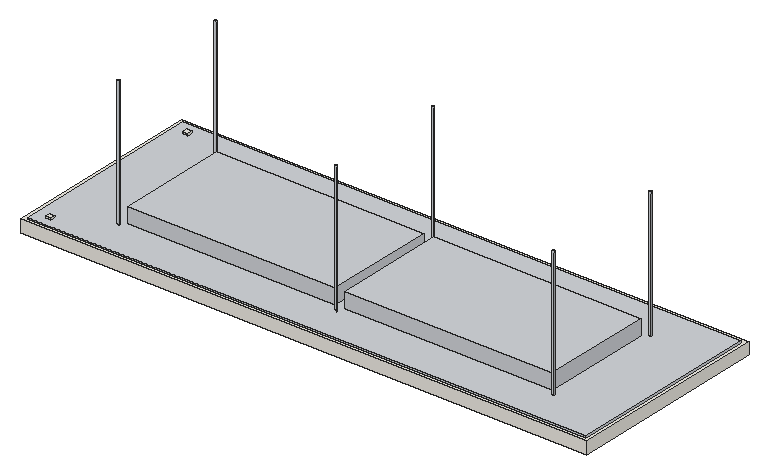
Revit family "Smartline_START_2800mm", category Mechanical Equipment, Revit 2018
Family settings
  Round Connector Dimension = Use Diameter
  Classification = None
  Part Type = Normal
  Always vertical = Yes
  Cut with Voids When Loaded = No
  Shared = No
  Room Calculation Point = No
Parameters (values of type "008-START-1000mm")
  ÜT_Heizen = 37 °C
  Wasserinhalt = 2.00 kg
  Wasser_je_m = 1.00 kg/m
  W [instance] = if(Anschluss_stirnseitig, 45.00°, -45.00°)  # -45.00°
  Vorlauftemperatur_Kühlen = 16 °C
  Vorlauftemperatur_Heizen = 40 °C
  Volumenstrom = 0.01 L/s
  Volumenabsorber_Offset = 25.00 mm
  Volumenabsorber_Hoehe = 80.00 mm
  Volumenabsorber_Einzel = and(Volumenabsorber, Abhänger_Anzahl < 3)  # no
  Volumenabsorber_Doppel = and(Volumenabsorber, Abhänger_Anzahl > 2)  # yes
  Volumenabsorber = yes
  UT_Kühlen = 9 °C
  URL = "https://frenger.de/heizloesungen-heiz-kuehlsegel-smartline"
  Temperaturdifferenz_Kühlen = -3 °C
  Temperaturdifferenz_Heizen = 20 °C
  Rücklauftemperatur_Kühlen = 19 °C
  Rücklauftemperatur_Heizen = 35 °C
  Revisionsraum_anzeigen = no
  Raumtemperatur_Kühlen = 26 °C
  Raumtemperatur_Heizen = 20 °C
  Randabstand Anschlüsse = 75.00 mm
  Plattenlänge = PL  # 2800.00 mm
  Plattenhöhe = 58.50 mm
  Plattenbreite = PB  # 1000.00 mm
  PL = 2800.00 mm
  PB_halbe = PB / 2  # 500.00 mm
  PB = 1000.00 mm
  Model = "Smartline"  # constant formula
  Material_02 [instance] = none
  Material_01 [instance] = none
  Massenstrom (kg/h) = 19.4866
  Lichte_Höhe [instance] = 2300.00 mm
  Lichte_Geschosshöhe [instance] = 3000.00 mm
  Leistung_Kühlen = 196.775 W
  Leistung_Heizen = 473.181 W
  Leergewicht_je_m = 24.70 kg/m
  Leergewicht = 22.00 kg
  Informationen zur IFC Klasse [instance] = "https://standards.buildingsmart.org/IFC/RELEASE/IFC2x/FINAL/HTML/ifcsharedbldgserviceelements/lexical/ifccoil.html"
  IfcExportAs_Info [instance] = "CoilType - Defines typical types of coils (e.g., Cooling, Heating, OTHER, etc.)"  # constant formula
  IfcExportAs [instance] = "IfcCoil:OTHER"  # constant formula
  Manufacturer = "FRENGER SYSTEMEN BV"  # constant formula
  Gewicht = 76.44 kg
  FlowArrangement_ [instance] = "NOTDEFINED"  # constant formula
  Familien_Version = "0.1.10"  # constant formula
  FaceVelocity [instance] = 0
  Enthält einen Volumenstromregler = yes
  Enthält Luftauslässe = no
  Dämmung = yes
  Durchmesser_Vorlauf = 15 mm
  Durchmesser_Rücklauf = 15 mm
  Druckverlust = 0.00165 bar
  DSP_Druckverlust_viertel = Druckverlust / 4  # 0.0004125 bar
  DSP_Druckverlust_halbe = Druckverlust / 2  # 0.000825 bar
  BypassFactor [instance] = 0
  Description = "Heiz- und Kühlsegel"  # constant formula
  Anschluss_stirnseitig [instance] = no
  Anschluss_senkrecht [instance] = not(Anschluss_stirnseitig)  # yes
  Abstand Anschlüsse Verbinder = 100.00 mm  # constant formula
  Abhänger_anzeigen = yes
  Abhänger_Profil_Mitte = and(Abhänger_Profil, Abhänger_Anzahl > 2)  # no
  Abhänger_ProfilTyp = no
  Abhänger_Profil = Abhänger_ProfilTyp  # no
  Abhänger_NichtProfil = and(Abhänger_anzeigen, not(Abhänger_ProfilTyp))  # yes
  Abhänger_Mitte_Revsisionsraum = and(Revisionsraum_anzeigen, Abhänger_Anzahl > 2)  # no
  Abhänger_Mitte = and(Abhänger_Anzahl > 2, Abhänger_NichtProfil)  # yes
  Abhänger_Länge = 741.50 mm
  Abhänger_Anzahl = 3
  Abhänger_Abstand_VuH = if(PB < 1000.00 mm, 100.00 mm, 200.00 mm)  # 200.00 mm
Types (2, lengths in mm): name | Vorlauftemperatur_Heizen | Volumenabsorber_Doppel | Volumenabsorber | Rücklauftemperatur_Heizen | Raumtemperatur_Heizen | Lichte_Höhe | Leistung_Kühlen | Leistung_Heizen | Leergewicht_je_m | Gewicht | Druckverlust | DSP_Druckverlust_viertel | DSP_Druckverlust_halbe | Abhänger_Mitte | Abhänger_Anzahl
  STANDARD | 70 °C | no | no | 50 °C | 23 °C | 2200.00 | 56.4226 W | 294.792 W | 11.00 kg/m | 24.00 kg | 0.165 bar | 0.04125 bar | 0.0825 bar | no | 2
  008-START-1000mm | 40 °C | yes | yes | 35 °C | 20 °C | 2300.00 | 196.775 W | 473.181 W | 24.70 kg/m | 76.44 kg | 0.00165 bar | 0.0004125 bar | 0.000825 bar | yes | 3
Reference planes
  plane 1 "Mitte (Vorne/hinten)": y = 0
  plane 2: z = 0
  plane 3 "Mitte (Links/rechts)": x = 0
  plane 4 "Plattenlänge": x = 2800
  plane 5 "Verteilerrohr_2": x = 2725
  plane 6 "Verteilerrohr_1": x = 87.5
  plane 7 "Mitte (links/rechts)": x = 1400
  plane 8 "Hinten": y = 500
  plane 9 "Vorne": y = -500
  plane 10 "Unterkante": z = 2300
  plane 11 "Platte_OK": z = 2358.5
  plane 12 "Registerrohre": z = 2324.35
  plane 13 "Dämmung_links": x = 20
  plane 14 "Dämmung_rechts": x = 2780
  plane 15 "Dämmung_hinten": y = 480
  plane 16 "Dämmung_vorn": y = -480
  plane 17 "Revisionsraum_links": x = -10
  plane 18 "Revisionsraum_hinten": y = 510
  plane 19 "Revisionsraum_rechts": x = 2810
  plane 20 "Revisionsraum_vorn": y = -510
  plane 21 "Abhänger_links": x = 325
  plane 22 "Abhänger_rechts": x = 2475
  plane 23 "Abhänger_vorn": y = -300
  plane 24 "Abhänger_hinten": y = 300
  plane 25: x = 320
  plane 26: x = 2470
  plane 27: x = 1395
Forms (mm)
  Extrusion 1, solid, detail levels medium+fine
    sketch origin (0, 0, 0) x (1, 0, 0) y (0, 1, 0)
      loop
        line (0, 500) -> (0, -500) -> (2800, -500) -> (2800, 500) -> (0, 500)
    from 2300 to 2358.5
  Extrusion 2, solid, visible <- "Dämmung", detail levels fine
    sketch origin (0, 0, 2300) x (-1, 0, 0) y (0, -1, 0)
      loop
        line (-20, -480) -> (-20, 480) -> (-2780, 480) -> (-2780, -480) -> (-20, -480)
    from 35 to 65
  Extrusion 3, solid, visible <- "Revisionsraum_anzeigen"
    sketch origin (0, 0, 2300) x (-1, 0, 0) y (0, -1, 0)
      loop
        line (10, -510) -> (10, 510) -> (-2810, 510) -> (-2810, -510) -> (10, -510)
    from 0 to 75
  Extrusion 4, solid, visible <- "Abhänger_NichtProfil"
    sketch origin (-146.588, 27.954, 2300) x (-1, 0, 0) y (0, -1, 0)
      loop
        circle (-471.588, 327.954) r 5
    from 34.5 to 700
  Extrusion 5, solid, visible <- "Abhänger_NichtProfil"
    sketch origin (-146.588, 627.954, 2300) x (-1, 0, 0) y (0, -1, 0)
      loop
        circle (-471.588, 327.954) r 5
    from 34.5 to 700
  Extrusion 6, solid, visible <- "Abhänger_Mitte"
    sketch origin (528.412, 627.954, 2300) x (-1, 0, 0) y (0, -1, 0)
      loop
        circle (-871.588, 327.954) r 5
    from 34.5 to 700
  Extrusion 7, solid, visible <- "Abhänger_Mitte"
    sketch origin (528.412, 27.954, 2300) x (-1, 0, 0) y (0, -1, 0)
      loop
        circle (-871.588, 327.954) r 5
    from 34.5 to 700
  Extrusion 8, solid, visible <- "Abhänger_NichtProfil"
    sketch origin (1203.412, 627.954, 2300) x (-1, 0, 0) y (0, -1, 0)
      loop
        circle (-1271.588, 327.954) r 5
    from 34.5 to 700
  Extrusion 9, solid, visible <- "Abhänger_NichtProfil"
    sketch origin (1203.412, 27.954, 2300) x (-1, 0, 0) y (0, -1, 0)
      loop
        circle (-1271.588, 327.954) r 5
    from 34.5 to 700
  Extrusion 10, solid, visible <- "Revisionsraum_anzeigen"
    sketch origin (-146.588, 27.954, 2300) x (-1, 0, 0) y (0, -1, 0)
      loop
        circle (-471.588, 327.954) r 5
    from 75 to 700
  Extrusion 11, solid, visible <- "Revisionsraum_anzeigen"
    sketch origin (-146.588, 627.954, 2300) x (-1, 0, 0) y (0, -1, 0)
      loop
        circle (-471.588, 327.954) r 5
    from 75 to 700
  Extrusion 12, solid, visible <- "Revisionsraum_anzeigen"
    sketch origin (1203.412, 627.954, 2300) x (-1, 0, 0) y (0, -1, 0)
      loop
        circle (-1271.588, 327.954) r 5
    from 75 to 700
  Extrusion 13, solid, visible <- "Revisionsraum_anzeigen"
    sketch origin (1203.412, 27.954, 2300) x (-1, 0, 0) y (0, -1, 0)
      loop
        circle (-1271.588, 327.954) r 5
    from 75 to 700
  Extrusion 14, solid, visible <- "Abhänger_Mitte_Revsisionsraum"
    sketch origin (528.412, 27.954, 2300) x (-1, 0, 0) y (0, -1, 0)
      loop
        circle (-871.588, 327.954) r 5
    from 75 to 700
  Extrusion 15, solid, visible <- "Abhänger_Mitte_Revsisionsraum"
    sketch origin (528.412, 627.954, 2300) x (-1, 0, 0) y (0, -1, 0)
      loop
        circle (-871.588, 327.954) r 5
    from 75 to 700
  Extrusion 16, solid, visible <- "Volumenabsorber_Doppel"
    sketch origin (0, 0, 2358.5) x (-1, 0, 0) y (0, -1, 0)
      loop
        line (-350, 275) -> (-1375, 275) -> (-1375, -275) -> (-350, -275) -> (-350, 275)
    from 0 to 80 <- "Volumenabsorber_Hoehe"
  Extrusion 17, solid, visible <- "Volumenabsorber_Doppel"
    sketch origin (0, 0, 2358.5) x (-1, 0, 0) y (0, -1, 0)
      loop
        line (-1425, 275) -> (-2450, 275) -> (-2450, -275) -> (-1425, -275) -> (-1425, 275)
    from 0 to 80 <- "Volumenabsorber_Hoehe"
  Extrusion 18, solid, visible <- "Volumenabsorber_Einzel"
    sketch origin (0, 0, 2358.5) x (-1, 0, 0) y (0, -1, 0)
      loop
        line (-350, 275) -> (-2450, 275) -> (-2450, -275) -> (-350, -275) -> (-350, 275)
    from 0 to 80 <- "Volumenabsorber_Hoehe"
Lines and regions (mm)
  reference lines
    curve 1: line (350, 574.546, 0) -> (350, -585.454, 0)
    curve 2: line (1375, 552.678, 0) -> (1375, -585.454, 0)
    curve 3: line (1425, 552.678, 0) -> (1425, -607.322, 0)
    curve 4: line (2450, 552.678, 0) -> (2450, -567.322, 0)
    curve 5: line (273.047, -275, 0) -> (2553.047, -275, 0)
    curve 6: line (273.047, 275, 0) -> (2573.047, 275, 0)
Dimensions and locks
  "PL": plane 3 "Mitte (Links/rechts)" to plane 4 "Plattenlänge"
  equal spacing: plane 3 "Mitte (Links/rechts)", plane 7 "Mitte (links/rechts)", plane 4 "Plattenlänge"
  equal spacing: plane 8 "Hinten", plane 1 "Mitte (Vorne/hinten)", plane 9 "Vorne"
  "PB_halbe": plane 8 "Hinten" to plane 1 "Mitte (Vorne/hinten)"
  locked: plane 5 "Verteilerrohr_2" to plane 4 "Plattenlänge" at 75
  locked: plane 3 "Mitte (Links/rechts)" to plane 6 "Verteilerrohr_1" at 87.5
  "Plattenhöhe": plane 11 "Platte_OK" to plane 10 "Unterkante"
  locked: plane 12 "Registerrohre" to plane 10 "Unterkante" at 24.35
  "Lichte_Höhe": plane 10 "Unterkante" to level
  "Lichte_Geschosshöhe": level to level
  locked: plane 8 "Hinten" to plane 15 "Dämmung_hinten" at 20
  locked: plane 16 "Dämmung_vorn" to plane 9 "Vorne" at 20
  locked: plane 3 "Mitte (Links/rechts)" to plane 13 "Dämmung_links" at 20
  locked: plane 14 "Dämmung_rechts" to plane 4 "Plattenlänge" at 20
  locked: plane 17 "Revisionsraum_links" to plane 3 "Mitte (Links/rechts)" at 10
  locked: plane 18 "Revisionsraum_hinten" to plane 8 "Hinten" at 10
  locked: plane 9 "Vorne" to plane 20 "Revisionsraum_vorn" at 10
  locked: plane 4 "Plattenlänge" to plane 19 "Revisionsraum_rechts" at 10
  locked: plane 3 "Mitte (Links/rechts)" to plane 21 "Abhänger_links" at 325
  locked: plane 22 "Abhänger_rechts" to plane 4 "Plattenlänge" at 325
  "Abhänger_Abstand_VuH": plane 23 "Abhänger_vorn" to plane 9 "Vorne"
  "Abhänger_Abstand_VuH": plane 8 "Hinten" to plane 24 "Abhänger_hinten"
  locked: plane 25 to plane 21 "Abhänger_links" at 5
  locked: plane 26 to plane 22 "Abhänger_rechts" at 5
  locked: plane 27 to plane 7 "Mitte (links/rechts)" at 5
  "Volumenabsorber_Offset": curve 6 to plane 24 "Abhänger_hinten"
  "Volumenabsorber_Offset": plane 21 "Abhänger_links" to curve 1
  "Volumenabsorber_Offset": curve 2 to plane 7 "Mitte (links/rechts)"
  "Volumenabsorber_Offset": plane 7 "Mitte (links/rechts)" to curve 3
  "Volumenabsorber_Offset": curve 4 to plane 22 "Abhänger_rechts"
  "Volumenabsorber_Offset": curve 5 to plane 23 "Abhänger_vorn"
  aligned and locked: level to plane 2
  aligned and locked: plane 3 "Mitte (Links/rechts)" to Extrusion 1 sketch curve
  aligned and locked: Extrusion 1 sketch curve to plane 4 "Plattenlänge"
  aligned and locked: Extrusion 1 sketch curve to plane 8 "Hinten"
  aligned and locked: Extrusion 1 sketch curve to plane 9 "Vorne"
  aligned and locked: plane 11 "Platte_OK" to Extrusion 1
  aligned and locked: Extrusion 1 to plane 10 "Unterkante"
  aligned and locked: Extrusion 2 sketch curve to plane 13 "Dämmung_links"
  aligned and locked: Extrusion 2 sketch curve to plane 15 "Dämmung_hinten"
  aligned and locked: Extrusion 2 sketch curve to plane 14 "Dämmung_rechts"
  aligned and locked: Extrusion 2 sketch curve to plane 16 "Dämmung_vorn"
  aligned and locked: Extrusion 3 sketch curve to plane 17 "Revisionsraum_links"
  aligned and locked: Extrusion 3 sketch curve to plane 18 "Revisionsraum_hinten"
  aligned and locked: Extrusion 3 sketch curve to plane 19 "Revisionsraum_rechts"
  aligned and locked: Extrusion 3 sketch curve to plane 20 "Revisionsraum_vorn"
  aligned and locked: level to Extrusion 4
  aligned and locked: plane 23 "Abhänger_vorn" to Extrusion 4
  aligned and locked: plane 25 to Extrusion 4
  aligned and locked: plane 24 "Abhänger_hinten" to Extrusion 5
  aligned and locked: plane 25 to Extrusion 5
  aligned and locked: plane 24 "Abhänger_hinten" to Extrusion 6
  aligned and locked: plane 27 to Extrusion 6
  aligned and locked: plane 23 "Abhänger_vorn" to Extrusion 7
  aligned and locked: plane 27 to Extrusion 7
  aligned and locked: plane 24 "Abhänger_hinten" to Extrusion 8
  aligned and locked: Extrusion 9 to plane 23 "Abhänger_vorn"
  aligned and locked: plane 26 to Extrusion 8
  aligned and locked: plane 26 to Extrusion 9
  aligned and locked: level to Extrusion 9
  aligned and locked: level to Extrusion 8
  aligned and locked: level to Extrusion 7
  aligned and locked: level to Extrusion 6
  aligned and locked: level to Extrusion 5
  aligned and locked: nested 1 to plane 5 "Verteilerrohr_2"
  aligned and locked: plane 12 "Registerrohre" to nested 1
  aligned and locked: plane 25 to Extrusion 11
  aligned and locked: plane 25 to Extrusion 10
  aligned and locked: plane 23 "Abhänger_vorn" to Extrusion 10
  aligned and locked: plane 24 "Abhänger_hinten" to Extrusion 11
  aligned and locked: plane 27 to Extrusion 15
  aligned and locked: plane 24 "Abhänger_hinten" to Extrusion 15
  aligned and locked: plane 27 to Extrusion 14
  aligned and locked: plane 23 "Abhänger_vorn" to Extrusion 14
  aligned and locked: plane 26 to Extrusion 12
  aligned and locked: plane 24 "Abhänger_hinten" to Extrusion 12
  aligned and locked: plane 26 to Extrusion 13
  aligned and locked: Extrusion 13 to plane 23 "Abhänger_vorn"
  aligned and locked: level to Extrusion 10
  aligned and locked: level to Extrusion 11
  aligned and locked: level to Extrusion 14
  aligned and locked: level to Extrusion 15
  aligned and locked: level to Extrusion 13
  aligned and locked: level to Extrusion 12
  aligned and locked: Extrusion 10 to Extrusion 3
  aligned and locked: Extrusion 11 to Extrusion 3
  aligned and locked: Extrusion 14 to Extrusion 3
  aligned and locked: Extrusion 15 to Extrusion 3
  aligned and locked: Extrusion 13 to Extrusion 3
  aligned and locked: Extrusion 12 to Extrusion 3
  aligned and locked: nested 2 to plane 12 "Registerrohre"
  aligned and locked: plane 6 "Verteilerrohr_1" to nested 2
  aligned and locked: plane 1 "Mitte (Vorne/hinten)" to nested 3
  aligned and locked: plane 1 "Mitte (Vorne/hinten)" to nested 4
  aligned and locked: nested 4 to plane 7 "Mitte (links/rechts)"
  aligned and locked: plane 1 "Mitte (Vorne/hinten)" to nested 5
  aligned and locked: nested 5 to plane 22 "Abhänger_rechts"
  aligned and locked: nested 3 to plane 21 "Abhänger_links"
  aligned and locked: Extrusion 16 to curve 6
  aligned and locked: curve 1 to Extrusion 16
  aligned and locked: curve 5 to Extrusion 16
  aligned and locked: Extrusion 16 to curve 2
  aligned and locked: curve 3 to Extrusion 17
  aligned and locked: Extrusion 17 to curve 6
  aligned and locked: Extrusion 17 to curve 4
  aligned and locked: curve 5 to Extrusion 17
  aligned and locked: curve 1 to Extrusion 18
  aligned and locked: Extrusion 18 to curve 6
  aligned and locked: Extrusion 18 to curve 4
  aligned and locked: curve 5 to Extrusion 18
Automatic sketch dimensions
  Extrusion 4 sketch curve to plane 21 "Abhänger_links" = 0.00 mm
  Extrusion 4 sketch curve to plane 23 "Abhänger_vorn" = 0.00 mm
  Extrusion 5 sketch curve to plane 21 "Abhänger_links" = 0.00 mm
  plane 24 "Abhänger_hinten" to Extrusion 5 sketch curve = 0.00 mm
  Extrusion 6 sketch curve to plane 7 "Mitte (links/rechts)" = 0.00 mm
  plane 24 "Abhänger_hinten" to Extrusion 6 sketch curve = 0.00 mm
  Extrusion 7 sketch curve to plane 7 "Mitte (links/rechts)" = 0.00 mm
  Extrusion 7 sketch curve to plane 23 "Abhänger_vorn" = 0.00 mm
  Extrusion 8 sketch curve to plane 22 "Abhänger_rechts" = 0.00 mm
  plane 24 "Abhänger_hinten" to Extrusion 8 sketch curve = 0.00 mm
  Extrusion 9 sketch curve to plane 22 "Abhänger_rechts" = 0.00 mm
  Extrusion 9 sketch curve to plane 23 "Abhänger_vorn" = 0.00 mm
  plane 23 "Abhänger_vorn" to Extrusion 10 sketch curve = 0.00 mm
  plane 21 "Abhänger_links" to Extrusion 10 sketch curve = 0.00 mm
  Extrusion 11 sketch curve to plane 24 "Abhänger_hinten" = 0.00 mm
  plane 21 "Abhänger_links" to Extrusion 11 sketch curve = 0.00 mm
  Extrusion 12 sketch curve to plane 24 "Abhänger_hinten" = 0.00 mm
  plane 22 "Abhänger_rechts" to Extrusion 12 sketch curve = 0.00 mm
  plane 22 "Abhänger_rechts" to Extrusion 13 sketch curve = 0.00 mm
  Extrusion 13 sketch curve to plane 23 "Abhänger_vorn" = 0.00 mm
  plane 7 "Mitte (links/rechts)" to Extrusion 14 sketch curve = 0.00 mm
  plane 23 "Abhänger_vorn" to Extrusion 14 sketch curve = 0.00 mm
  Extrusion 15 sketch curve to plane 24 "Abhänger_hinten" = 0.00 mm
  plane 7 "Mitte (links/rechts)" to Extrusion 15 sketch curve = 0.00 mm
  Extrusion 16 sketch curve to plane 27 = 20.00 mm
  plane 21 "Abhänger_links" to Extrusion 16 sketch curve = 25.00 mm
  plane 24 "Abhänger_hinten" to Extrusion 16 sketch curve = 25.00 mm
  plane 23 "Abhänger_vorn" to Extrusion 16 sketch curve = 25.00 mm
  Extrusion 17 sketch curve to plane 26 = 20.00 mm
  plane 7 "Mitte (links/rechts)" to Extrusion 17 sketch curve = 25.00 mm
  plane 24 "Abhänger_hinten" to Extrusion 17 sketch curve = 25.00 mm
  plane 23 "Abhänger_vorn" to Extrusion 17 sketch curve = 25.00 mm
  Extrusion 18 sketch curve to plane 26 = 20.00 mm
  plane 21 "Abhänger_links" to Extrusion 18 sketch curve = 25.00 mm
  plane 24 "Abhänger_hinten" to Extrusion 18 sketch curve = 25.00 mm
  plane 23 "Abhänger_vorn" to Extrusion 18 sketch curve = 25.00 mm
  curve 6 to plane 25 = 46.953 mm
  curve 5 to plane 25 = 46.953 mm
  plane 22 "Abhänger_rechts" to curve 5 = 78.047 mm
  plane 22 "Abhänger_rechts" to curve 6 = 98.047 mm
  plane 20 "Revisionsraum_vorn" to curve 4 = 57.322 mm
  plane 20 "Revisionsraum_vorn" to curve 1 = 75.454 mm
  plane 20 "Revisionsraum_vorn" to curve 2 = 75.454 mm
  curve 3 to curve 2 = 21.868 mm
  plane 18 "Revisionsraum_hinten" to curve 2 = 42.678 mm
  plane 18 "Revisionsraum_hinten" to curve 3 = 42.678 mm
  plane 18 "Revisionsraum_hinten" to curve 4 = 42.678 mm
  plane 18 "Revisionsraum_hinten" to curve 1 = 64.546 mm
  radius of Extrusion 4 sketch curve = 5.00 mm
  radius of Extrusion 5 sketch curve = 5.00 mm
  radius of Extrusion 6 sketch curve = 5.00 mm
  radius of Extrusion 7 sketch curve = 5.00 mm
  radius of Extrusion 8 sketch curve = 5.00 mm
  radius of Extrusion 9 sketch curve = 5.00 mm
  radius of Extrusion 10 sketch curve = 5.00 mm
  radius of Extrusion 11 sketch curve = 5.00 mm
  radius of Extrusion 12 sketch curve = 5.00 mm
  radius of Extrusion 13 sketch curve = 5.00 mm
  radius of Extrusion 14 sketch curve = 5.00 mm
  radius of Extrusion 15 sketch curve = 5.00 mm
Nested families
  nested 1: "Smartline--AB_A_1V_1R_Verb" at (2725, 0, 2324.35) x (1, 0, 0) z (0, -1, 0), AA2 <- "Abstand Anschlüsse Verbinder", AA3 <- "Abstand Anschlüsse Verbinder", PB_halbe <- "PB_halbe", Material_02 <- "Material_02", type "Standard", detail levels fine
    with PB_halbe 500.00 mm, Material_02 none, Abstand 200.00 mm, AA3 100.00 mm, AA2 100.00 mm
  nested 2: "Smartline--AB_A_1V_1R_Wi" at (87.5, 0, 2324.35) x (-1, 0, 0) z (0, 1, 0), AA1 <- "Randabstand Anschlüsse", W <- "W", AA4 <- "Randabstand Anschlüsse", PB_halbe <- "PB_halbe", Material_02 <- "Material_02", type "Standard", detail levels fine
    with W -45.00°, PB_halbe 500.00 mm, Material_02 none, Familien_Version "0.3.6", AA4 75.00 mm, AA1 75.00 mm
  nested 3: "Einhaengeprofil" at (325, 0, 2358.5), Plattenbreite <- "Plattenbreite", visible <- "Abhänger_Profil", type "Einhaengeprofil"
    with Plattenbreite 1000.00 mm
  nested 4: "Einhaengeprofil" at (1400, 0, 2358.5), Plattenbreite <- "Plattenbreite", visible <- "Abhänger_Profil_Mitte", type "Einhaengeprofil"
    with Plattenbreite 1000.00 mm
  nested 5: "Einhaengeprofil" at (2475, 0, 2358.5), Plattenbreite <- "Plattenbreite", visible <- "Abhänger_Profil", type "Einhaengeprofil"
    with Plattenbreite 1000.00 mm
Connectors
  piping at (2760, 100, 2324.35), diameter 15, driven by "Durchmesser_Rücklauf", driven by "Volumenstrom", driven by "DSP_Druckverlust_viertel"
    settings: on nested 1, index 3, connector inside diameter 609.6 mm, connector length 0.00 mm, flow factor 0, pipe flow 0.01 L/s, pressure drop 0.0004125 bar, fitting loss kfactor 0, connector angle 0.00°, fixture units 0, engagement length 0.00 mm, angle of deflection 0.00°, flow configuration 1, flow direction 1, fitting loss method 4, system type 8, joint type 0, gender type 0, connector reference index 5, connector utility 0, adjustable connector no, is connector primary yes, connector description ""
  piping at (2760, -100, 2324.35), diameter 15, driven by "Durchmesser_Vorlauf", driven by "Volumenstrom", driven by "DSP_Druckverlust_viertel"
    settings: on nested 1, index 4, connector inside diameter 609.6 mm, connector length 0.00 mm, flow factor 0, pipe flow 0.01 L/s, pressure drop 0.0004125 bar, fitting loss kfactor 0, connector angle 0.00°, fixture units 0, engagement length 0.00 mm, angle of deflection 0.00°, flow configuration 1, flow direction 2, fitting loss method 4, system type 7, joint type 0, gender type 0, connector reference index 6, connector utility 0, adjustable connector no, is connector primary no, connector description ""
  piping at (87.5, 425, 2371.85), diameter 15, driven by "Volumenstrom", driven by "DSP_Druckverlust_viertel", driven by "Durchmesser_Rücklauf"
    settings: on nested 2, index 5, connector inside diameter 609.6 mm, connector length 0.00 mm, flow factor 0, pipe flow 0.01 L/s, pressure drop 0.0004125 bar, fitting loss kfactor 0, connector angle 0.00°, fixture units 0, engagement length 0.00 mm, angle of deflection 0.00°, flow configuration 1, flow direction 2, fitting loss method 4, system type 8, joint type 0, gender type 0, connector reference index 3, connector utility 0, adjustable connector no, is connector primary no, connector description ""
  piping at (87.5, -425, 2371.85), diameter 15, driven by "Volumenstrom", driven by "DSP_Druckverlust_viertel", driven by "Durchmesser_Vorlauf"
    settings: on nested 2, index 6, connector inside diameter 609.6 mm, connector length 0.00 mm, flow factor 0, pipe flow 0.01 L/s, pressure drop 0.0004125 bar, fitting loss kfactor 0, connector angle 0.00°, fixture units 0, engagement length 0.00 mm, angle of deflection 0.00°, flow configuration 1, flow direction 1, fitting loss method 4, system type 7, joint type 0, gender type 0, connector reference index 4, connector utility 0, adjustable connector no, is connector primary no, connector description ""
Definition of nested family "Smartline--AB_A_1V_1R_Verb"
  Parameters (values of type "Standard")
    Default Elevation = 0.00 mm
    PB_halbe [instance] = 300.00 mm
    Material_02 [instance] = none
    Familien_Version = "0.3.6"  # constant formula
    Abstand [instance] = 200.00 mm
    AA3 [instance] = 100.00 mm
    AA2 [instance] = 100.00 mm
  Reference planes
    plane 1 "Mitte (Vorne/hinten)": y = 0
    plane 2: z = 0
    plane 3 "Mitte (Links/rechts)": x = 0
  Forms (mm)
    Extrusion 1, solid
      sketch origin (0, 0, 0) x (1, 0, 0) y (0, 1, 0)
        loop
          line (-1219.2, 1219.2) -> (-1219.2, -1219.2) -> (1219.2, -1219.2) -> (1219.2, 1219.2) -> (-1219.2, 1219.2)
      from 0 to -1263.467
    Extrusion 2, solid, material <- "Material_02", detail levels fine
      sketch origin (7.5, -5, 0) x (1, 0, 0) y (0, 0, 1)
        loop
          line (-32.5, -260) -> (-7.5, -260) -> (-7.5, 260) -> (-32.5, 260) -> (-32.5, -260)
      from -17.5 to 7.5
    Extrusion 3, solid, material <- "Material_02", detail levels fine
      sketch origin (34.5, 0, -15.9) x (1, 0, 0) y (0, 0, 1)
        loop
          line (0.5, 103.4) -> (0.5, 128.4) -> (-34.5, 128.4) -> (-34.5, 103.4) -> (0.5, 103.4)
      from -12.5 to 12.5
    Extrusion 4, solid, material <- "Material_02", detail levels fine
      sketch origin (34.5, 0, -365.9) x (1, 0, 0) y (0, 0, 1)
        loop
          line (0.5, 253.4) -> (0.5, 278.4) -> (-34.5, 278.4) -> (-34.5, 253.4) -> (0.5, 253.4)
      from -12.5 to 12.5
  Lines and regions (mm)
    reference lines
      curve 1: line (-293.185, 0, 300) -> (326.815, 0, 300)
      curve 2: line (-293.185, 0, 100) -> (326.815, 0, 100)
      curve 3: line (-293.185, 0, -100) -> (326.815, 0, -100)
      curve 4: line (-293.185, 0, -300) -> (326.815, 0, -300)
      curve 5: line (-12.5, 0, -285) -> (-12.5, 0, 290)
      curve 6: line (-113.125, 0, 260) -> (136.875, 0, 260)
      curve 7: line (-113.125, 0, -260) -> (136.875, 0, -260)
  Dimensions and locks
    "PB_halbe": curve 1 to level
    "PB_halbe": level to curve 4
    locked: curve 1 to curve 6 at 40
    locked: curve 7 to curve 4 at 40
    Extrusion 2 sketch curve to curve 5 to Extrusion 2 sketch curve = 12.50 mm locked, 12.50 mm locked
    Extrusion 3 sketch curve to curve 2 to Extrusion 3 sketch curve = 12.50 mm, 12.50 mm
    Extrusion 4 sketch curve to curve 3 to Extrusion 4 sketch curve = 12.50 mm, 12.50 mm
    "AA2": curve 2 to Extrusion 1
    "AA3": Extrusion 1 to curve 3
    aligned and locked: plane 2 to Extrusion 1
    aligned and locked: level to Extrusion 1
    aligned and locked: Extrusion 2 to curve 6
    aligned and locked: curve 7 to Extrusion 2
  Automatic sketch dimensions
    Extrusion 1 sketch curve to Extrusion 1 sketch curve = 2438.40 mm  (x2)
    Extrusion 2 sketch curve to level = 260.00 mm
    level to Extrusion 2 sketch curve = 260.00 mm
    Extrusion 3 sketch curve to plane 3 "Mitte (Links/rechts)" = 0.00 mm
    plane 3 "Mitte (Links/rechts)" to Extrusion 3 sketch curve = 35.00 mm
    Extrusion 4 sketch curve to plane 3 "Mitte (Links/rechts)" = 0.00 mm
    plane 3 "Mitte (Links/rechts)" to Extrusion 4 sketch curve = 35.00 mm
    curve 3 to plane 3 "Mitte (Links/rechts)" = 293.185 mm
    curve 2 to curve 3 = 0.00 mm
    curve 3 to curve 4 = 0.00 mm  (x2)
    curve 1 to curve 2 = 0.00 mm
    curve 7 to plane 3 "Mitte (Links/rechts)" = 113.125 mm
    curve 6 to plane 3 "Mitte (Links/rechts)" = 113.125 mm
    curve 5 to plane 3 "Mitte (Links/rechts)" = 12.50 mm
    plane 3 "Mitte (Links/rechts)" to curve 7 = 136.875 mm
    plane 3 "Mitte (Links/rechts)" to curve 6 = 136.875 mm
    curve 6 to curve 2 = 189.94 mm
    curve 6 to curve 1 = 189.94 mm
    curve 7 to curve 4 = 189.94 mm
    curve 5 to curve 7 = 25.00 mm
    curve 6 to curve 5 = 30.00 mm
Definition of nested family "Smartline--AB_A_1V_1R_Wi"
  Parameters (values of type "Standard")
    W [instance] = 45.00°
    Default Elevation = 1219.20 mm
    PB_halbe [instance] = 300.00 mm
    Material_02 [instance] = none
    Familien_Version [instance] = "0.3.6"  # constant formula
    AA4 [instance] = 75.00 mm
    AA1 [instance] = 75.00 mm
  Reference planes
    plane 1 "Mitte (Vorne/hinten)": y = 0
    plane 2: z = 0
    plane 3 "Mitte (Links/rechts)": x = 0
  Forms (mm)
    Extrusion 1, solid
      sketch origin (0, 0, 0) x (1, 0, 0) y (0, 1, 0)
        loop
          line (-1219.2, 1219.2) -> (-1219.2, -1219.2) -> (1219.2, -1219.2) -> (1219.2, 1219.2) -> (-1219.2, 1219.2)
      from 0 to -304.8
  Lines and regions (mm)
    reference lines
      curve 1: line (0, 0, 0) -> (-81.317, 81.317, 0)
  Dimensions and locks
    "W": angle curve 1 to nested 1
    aligned and locked: plane 2 to Extrusion 1
    aligned and locked: level to Extrusion 1
  Automatic sketch dimensions
    Extrusion 1 sketch curve to Extrusion 1 sketch curve = 2438.40 mm  (x2)
    plane 1 "Mitte (Vorne/hinten)" to curve 1 = 0.00 mm
    curve 1 to plane 3 "Mitte (Links/rechts)" = 0.00 mm
    curve 1 to plane 3 "Mitte (Links/rechts)" = 81.317 mm
    curve 1 to plane 1 "Mitte (Vorne/hinten)" = 81.317 mm
  Nested families
    nested 1: "Smartline--AB_A_1V_1R" at (0, 0, 0) x (-1, 0, 0) z (0, 0, 1), AA1 <- "AA1", AA4 <- "AA4", PB_halbe <- "PB_halbe", Material_02 <- "Material_02", type "Smartline--AB_A_1V_1R"
      with PB_halbe 300.00 mm, Material_02 none, Familien_Version "0.2.5", Abstand 200.00 mm, AA4 75.00 mm, AA1 75.00 mm
  Definition of nested family "Smartline--AB_A_1V_1R"
    Parameters (values of type "Smartline--AB_A_1V_1R")
      Default Elevation = 1219.20 mm
      PB_halbe [instance] = 300.00 mm
      Material_02 [instance] = none
      Familien_Version [instance] = "0.2.5"  # constant formula
      Abstand [instance] = 200.00 mm
      AA4 [instance] = 75.00 mm
      AA1 [instance] = 75.00 mm
    Reference planes
      plane 1 "Mitte (Vorne/hinten)": y = 0
      plane 2: z = 0
      plane 3 "Mitte (Links/rechts)": x = 0
    Forms (mm)
      Extrusion 1, solid
        sketch origin (0, 0, 0) x (1, 0, 0) y (0, 1, 0)
          loop
            line (-1219.2, 1219.2) -> (-1219.2, -1219.2) -> (1219.2, -1219.2) -> (1219.2, 1219.2) -> (-1219.2, 1219.2)
        from 0 to -1263.467
      Extrusion 2, solid, material <- "Material_02", detail levels fine
        sketch origin (7.5, -5, 0) x (1, 0, 0) y (0, 0, 1)
          loop
            line (-20, -260) -> (5, -260) -> (5, 260) -> (-20, 260) -> (-20, -260)
        from -17.5 to 7.5
      Extrusion 3, solid, material <- "Material_02", detail levels fine
        sketch origin (-13, 0, -15.9) x (1, 0, 0) y (0, 0, 1)
          loop
            line (0.5, 228.4) -> (0.5, 253.4) -> (-34.5, 253.4) -> (-34.5, 228.4) -> (0.5, 228.4)
        from -12.5 to 12.5
      Extrusion 4, solid, material <- "Material_02", detail levels fine
        sketch origin (-13, 0, -365.9) x (1, 0, 0) y (0, 0, 1)
          loop
            line (0.5, 128.4) -> (0.5, 153.4) -> (-34.5, 153.4) -> (-34.5, 128.4) -> (0.5, 128.4)
        from -12.5 to 12.5
    Lines and regions (mm)
      reference lines
        curve 1: line (-293.185, 0, 300) -> (326.815, 0, 300)
        curve 2: line (-293.185, 0, 225) -> (326.815, 0, 225)
        curve 3: line (-293.185, 0, -225) -> (326.815, 0, -225)
        curve 4: line (-293.185, 0, -300) -> (326.815, 0, -300)
        curve 5: line (-113.125, 0, 260) -> (136.875, 0, 260)
        curve 6: line (-113.125, 0, -260) -> (136.875, 0, -260)
    Dimensions and locks
      "PB_halbe": curve 1 to level
      "PB_halbe": level to curve 4
      "AA4": curve 1 to curve 2
      "AA1": curve 3 to curve 4
      locked: curve 1 to curve 5 at 40
      locked: curve 6 to curve 4 at 40
      Extrusion 3 sketch curve to curve 2 to Extrusion 3 sketch curve = 12.50 mm, 12.50 mm
      Extrusion 4 sketch curve to curve 3 to Extrusion 4 sketch curve = 12.50 mm, 12.50 mm
      aligned and locked: plane 2 to Extrusion 1
      aligned and locked: level to Extrusion 1
      aligned and locked: Extrusion 2 to curve 5
      aligned and locked: curve 6 to Extrusion 2
    Automatic sketch dimensions
      Extrusion 1 sketch curve to Extrusion 1 sketch curve = 2438.40 mm  (x2)
      Extrusion 2 sketch curve to level = 260.00 mm
      level to Extrusion 2 sketch curve = 260.00 mm
      Extrusion 3 sketch curve to plane 3 "Mitte (Links/rechts)" = 47.50 mm
      Extrusion 3 sketch curve to plane 3 "Mitte (Links/rechts)" = 12.50 mm
      Extrusion 4 sketch curve to plane 3 "Mitte (Links/rechts)" = 47.50 mm
      Extrusion 4 sketch curve to plane 3 "Mitte (Links/rechts)" = 12.50 mm
      Extrusion 2 sketch curve to plane 3 "Mitte (Links/rechts)" = 12.50 mm
      plane 3 "Mitte (Links/rechts)" to Extrusion 2 sketch curve = 12.50 mm
      curve 1 to plane 3 "Mitte (Links/rechts)" = 293.185 mm
      curve 4 to plane 3 "Mitte (Links/rechts)" = 293.185 mm
      curve 1 to curve 2 = 0.00 mm  (x2)
      curve 3 to curve 4 = 0.00 mm  (x2)
      curve 6 to plane 3 "Mitte (Links/rechts)" = 113.125 mm
      curve 5 to plane 3 "Mitte (Links/rechts)" = 113.125 mm
      plane 3 "Mitte (Links/rechts)" to curve 5 = 136.875 mm
      plane 3 "Mitte (Links/rechts)" to curve 6 = 136.875 mm
      curve 6 to curve 4 = 189.94 mm
      curve 5 to curve 1 = 189.94 mm
Definition of nested family "Einhaengeprofil"
  Parameters (values of type "Einhaengeprofil")
    Default Elevation = 1219.20 mm
    Profil_Tiefe = 19.00 mm
    Profil_Hoehe = 62.20 mm
    Plattenbreite_Offset = 25.00 mm
    Plattenbreite [instance] = 600.00 mm
  Reference planes
    plane 1 "Mitte (Vorne/hinten)": y = 0
    plane 2: z = 0
    plane 3 "Mitte (Links/rechts)": x = 0
  Forms (mm)
    Extrusion 1, solid
      sketch origin (0, 0, 0) x (1, 0, 0) y (0, 1, 0)
        loop
          line (-1219.2, 1219.2) -> (-1219.2, -1219.2) -> (1219.2, -1219.2) -> (1219.2, 1219.2) -> (-1219.2, 1219.2)
      from 0 to -304.8
    Extrusion 2, solid
      sketch origin (0, 0, 0) x (1, 0, 0) y (0, 1, 0)
        loop
          line (-9.5, -275) -> (9.5, -275) -> (9.5, 275) -> (-9.5, 275) -> (-9.5, -275)
      from 0 to 62.2
  Lines and regions (mm)
    reference lines
      curve 1: line (-94.92, 275, 0) -> (249.5, 275, 0)
      curve 2: line (-264.134, -275, 0) -> (358.076, -275, 0)
      curve 3: line (-9.5, 499.665, 0) -> (-9.5, -390.006, 0)
      curve 4: line (9.5, 499.665, 0) -> (9.5, -470.006, 0)
      curve 5: line (-474.429, 0, 62.2) -> (545.571, 0, 62.2)
      curve 6: line (-198.912, -300, 0) -> (249.5, -300, 0)
      curve 7: line (-256.639, 300, 0) -> (327.781, 300, 0)
  Dimensions and locks
    "Plattenbreite_Offset": curve 1 to curve 7
    "Plattenbreite_Offset": curve 6 to curve 2
    "Profil_Hoehe": curve 5 to level
    equal spacing: curve 3, plane 3 "Mitte (Links/rechts)", curve 4
    equal spacing: curve 6, plane 1 "Mitte (Vorne/hinten)", curve 7
    "Plattenbreite": curve 6 to curve 7
    "Profil_Tiefe": curve 3 to curve 4
    aligned and locked: plane 2 to Extrusion 1
    aligned and locked: level to Extrusion 1
    aligned and locked: curve 3 to Extrusion 2
    aligned and locked: Extrusion 2 to curve 1
    aligned and locked: Extrusion 2 to curve 4
    aligned and locked: curve 2 to Extrusion 2
    aligned and locked: Extrusion 2 to curve 5
  Automatic sketch dimensions
    Extrusion 1 sketch curve to Extrusion 1 sketch curve = 2438.40 mm  (x2)
    Extrusion 2 sketch curve to plane 3 "Mitte (Links/rechts)" = 9.50 mm
    plane 3 "Mitte (Links/rechts)" to Extrusion 2 sketch curve = 9.50 mm
    plane 1 "Mitte (Vorne/hinten)" to Extrusion 2 sketch curve = 275.00 mm
    Extrusion 2 sketch curve to plane 1 "Mitte (Vorne/hinten)" = 275.00 mm
    curve 1 to plane 3 "Mitte (Links/rechts)" = 94.92 mm
    curve 6 to plane 3 "Mitte (Links/rechts)" = 198.912 mm
    curve 7 to curve 1 = 161.719 mm
    curve 2 to curve 6 = 65.222 mm
    plane 3 "Mitte (Links/rechts)" to curve 6 = 249.50 mm
    plane 3 "Mitte (Links/rechts)" to curve 1 = 249.50 mm
    curve 1 to curve 7 = 78.281 mm
    curve 6 to curve 2 = 108.576 mm
    curve 3 to curve 6 = 90.006 mm
    curve 4 to curve 3 = 80.00 mm
    curve 1 to curve 4 = 224.665 mm
    curve 3 to curve 4 = 0.00 mm
    curve 5 to plane 3 "Mitte (Links/rechts)" = 474.429 mm
    plane 3 "Mitte (Links/rechts)" to curve 5 = 545.571 mm
